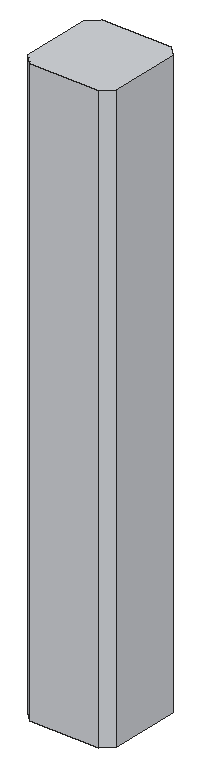
Revit family "M_Coluna chanfrada", category Colunas, Revit 2019
Family settings
  Número OmniClass = 23.25.30.11.14.11
  Título OmniClass = Columns
  ID de item do Seek = Chamfered Column-0000-CAN-ENU
  Corte com vazios quando carregada = Não
  Unir automaticamente geometria às paredes = Sim
  Compartilhado = Não
  Exibir o pré-corte da família na vista da planta = Sim
Parameters (values of type "457 x 457mm")
  Linear = 457 mm
  Material = none
  Base deslocada = 0 mm
  Topo deslocado = 0 mm
  Largura = 457 mm
Types (4, lengths in mm): name | Linear | Largura
  (no name) | 457 | 457
  457 x 457mm | 457 | 457
  457 x 610mm | 610 | 457
  610 x 610mm | 610 | 610
Reference planes
  plane 1 "Centro (Frente/Trás)": y = 0
  plane 2: z = 0
  plane 3 "Centro (Esquerda/Direita)": x = 15.208
  plane 4 "Esquerda": x = -213.292
  plane 5 "Direita": x = 243.708
  plane 6 "Parte posterior": y = 228.5
  plane 7 "Parte frontal": y = -228.5
  plane 8: z = 3000
  plane 9: z = 0
Forms (mm)
  Extrusion 1, solid, material <- "Material"
    sketch origin (0, 0, 0) x (1, 0, 0) y (0, 1, 0)
      loop
        line (-162.292, 228.5) -> (-213.292, 177.5) -> (-213.292, -177.5) -> (-162.292, -228.5) -> (192.708, -228.5) -> (243.708, -177.5) -> (243.708, 177.5) -> (192.708, 228.5) -> (-162.292, 228.5)
    from 0 to 3000
Dimensions and locks
  equal spacing: plane 4 "Esquerda", plane 3 "Centro (Esquerda/Direita)", plane 5 "Direita"
  equal spacing: plane 7 "Parte frontal", plane 1 "Centro (Frente/Trás)", plane 6 "Parte posterior"
  "Largura": plane 4 "Esquerda" to plane 5 "Direita"
  "Linear": plane 7 "Parte frontal" to plane 6 "Parte posterior"
  "Topo deslocado": level to plane 8
  "Base deslocada": plane 9 to level
  aligned and locked: Extrusion 1 to plane 9
  aligned and locked: plane 8 to Extrusion 1
Automatic sketch dimensions
  Extrusion 1 sketch curve to plane 4 "Esquerda" = 0 mm
  Extrusion 1 sketch curve to plane 7 "Parte frontal" = 0 mm
  Extrusion 1 sketch curve to plane 6 "Parte posterior" = 0 mm
  Extrusion 1 sketch curve to plane 5 "Direita" = 0 mm
  Extrusion 1 sketch curve to plane 4 "Esquerda" = 51 mm  (x2)
  plane 5 "Direita" to Extrusion 1 sketch curve = 51 mm  (x2)
  Extrusion 1 sketch curve to plane 7 "Parte frontal" = 51 mm  (x2)
  plane 6 "Parte posterior" to Extrusion 1 sketch curve = 51 mm  (x2)
